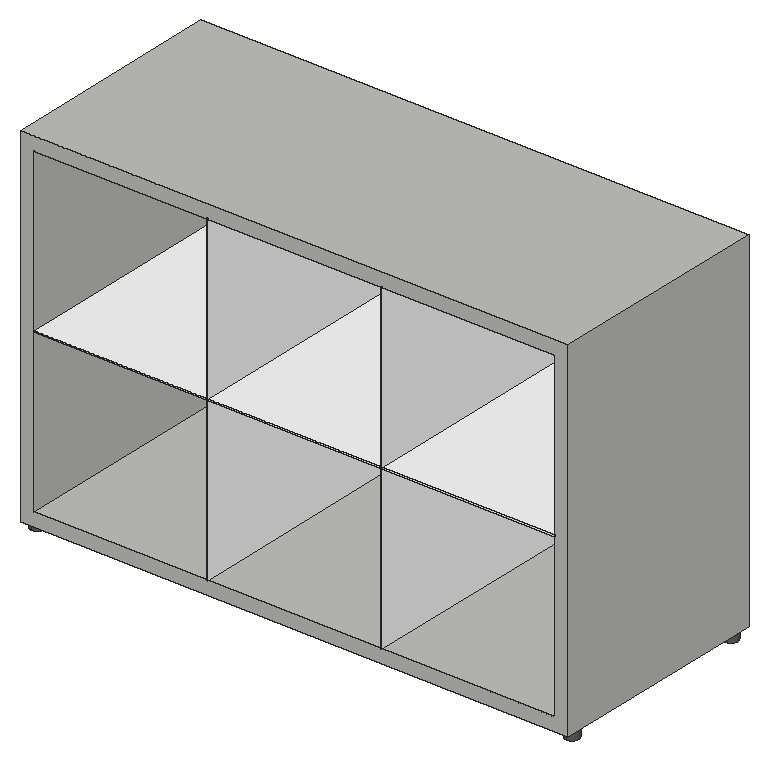
Revit family "Storage-Freestanding-Teknion-JNFBM-Bookcase_with_Metal_Dividers-R2015", category Furniture, Revit 2015
Parameters (values of type "18" Depth")
  Width [instance] = 42.000"
  Warranty = "http://www.teknion.com/ca/papers/legal-canada"
  Unit Weight URL = "http://www.teknion.com/ca/tools/assets#&asset=bee6a381-b954-425e-8283-5a2de3a804f2,f828d448-4b62-4231-9e5f-9a8991c0ed77"
  URL = "www.teknion.com"
  Sustainability Data = "http://www.teknion.com/ca/tools/assets#&topic=216f99a5-57a0-44fc-b10a-9dee9b29ae4c&asset=444deb64-fe58-4b68-981e-f75e97781df7"
  Shelf Finish [instance] = Mica - Teknion - V - Satin - Very White
  Shelf #1 Height [instance] = if(Height = 29.000", 14.742", 13.982")  # 13.982"
  Series = "Expansion Cityline"  # constant formula
  Product Page URL = "http://www.teknion.com/ca/products/product-details?productlineid=9ad2a26e-8e7a-673b-a6c8-ff05004460c4"
  Product Line = "Expansion Cityline"  # constant formula
  Product Documentation Link = "http://www.teknion.com/pricing/expansion-cityline/pdfs/JNFBM_ppg.pdf"
  Part Number = "JNFBM"  # constant formula
  Note [instance] = "Available Depths are 15 and 18 inches. Available Widths are 15, 24, 30, 36, 42, and 48 inches. Heights are available in 28 and 29 inches."  # constant formula
  Model = "JNFBM18"
  Manufacturer Phone = "416-661-3370"  # constant formula
  Manufacturer Fax = "416.661.4586"  # constant formula
  Manufacturer Contact Information = "http://www.teknion.com/ca/contactus"
  Manufacturer Address = "1150 Flint Road, Toronto, ON. M3J 2J5. Canada"  # constant formula
  Manufacturer = "Teknion"  # constant formula
  Height [instance] = 28.000"
  Divider 1 Offset [instance] = if(or(Width = 24.000", Width = 30.000", Width = 36.000"), Width / 2 - 0.059", Width / 3 + 0.260")  # 14.260"
  Divider #2 Visibility [instance] = or(Width = 42.000", Width = 48.000")  # yes
  Divider #1 Visibility [instance] = if(or(Width = 24.000", Width = 30.000", Width = 36.000", Width = 42.000", Width = 48.000"), 1 < 2, 1 > 2)  # yes
  Description = "Bookcase with Metal Dividers, 18\" Depth"
  Depth = 18.000"
  Case Finish [instance] = Source Laminate - Teknion - RV - Very White
  Assembly Code = "E2020200"
  Actual Height [instance] = if(Height = 28.000", 27.480", Height)  # 27.480"
  Actual Depth [instance] = if(Height = 28.000", Depth - 0.750", Depth)  # 17.250"
Types (2): name | Shelf #1 Height | Model | Height | Description | Depth | Actual Height | Actual Depth
  15" Depth | 14.742" | "JNFBM15" | 29.000" | "Bookcase with Metal Dividers, 15\" Depth" | 15.000" | 29.000" | 15.000"
  18" Depth | 13.982" | "JNFBM18" | 28.000" | "Bookcase with Metal Dividers, 18\" Depth" | 18.000" | 27.480" | 17.250"
Reference planes (in)
  plane 1 "Center Front/Back": y = 0
  plane 2: z = 0
  plane 3 "Center Left/Right": x = 0
  plane 4 "Left": x = -21
  plane 5 "Right": x = 21
  plane 6 "Back": y = 8.625
  plane 7 "Front": y = -8.625
  plane 8 "Top": z = 27.48
  plane 9: z = 0.60236
  plane 10: x = -19.98425
  plane 11: x = 19.98425
  plane 12: z = 26.46425
  plane 13: z = 1.61811
  plane 14: y = 7.88484
  plane 15: z = 14.10011
  plane 16: z = 13.982
  plane 17: x = -6.62189
  plane 18: x = -6.74
  plane 19: x = 6.74
  plane 20: x = 6.62189
Forms (in)
  Extrusion 1, solid, material "Source Laminate - Teknion - RV - Very White" <- "Case Finish"
    sketch origin (0, 0, 0) x (1, 0, 0) y (0, 1, 0)
      loop
        line (-21, -8.625) -> (21, -8.625) -> (21, 8.625) -> (-21, 8.625) -> (-21, -8.625)
    from 0.60236 to 27.48
  Extrusion 2, void
    sketch origin (-16.07314, -8.625, -16.70588) x (-1, 0, 0) y (0, 0, -1)
      loop
        line (3.91111, -18.32399) -> (-36.0574, -18.32399) -> (-36.0574, -43.17013) -> (3.91111, -43.17013) -> (3.91111, -18.32399)
    from -16.50984 to 0
  Extrusion 3, solid, material "Mica - Teknion - V - Satin - Very White" <- "Shelf Finish"
    sketch origin (0, -8.625, 0) x (-1, 0, 0) y (0, 0, -1)
      loop
        line (19.98425, -13.982) -> (-19.98425, -13.982) -> (-19.98425, -14.10011) -> (19.98425, -14.10011) -> (19.98425, -13.982)
    from 0 to -16.50984
  Extrusion 4, solid, material "Plastic - Teknion - 52 - Ebony"
    sketch origin (7.5, -180, 0.60236) x (0, -1, 0) y (-1, 0, 0)
      loop
        circle (-187.62555, 27.99334) r 0.5
    from 0 to 0.60236
  Extrusion 5, solid, material "Plastic - Teknion - 52 - Ebony"
    sketch origin (-7.5, -180, 0.60236) x (0, 1, 0) y (1, 0, 0)
      loop
        circle (187.62555, 27.99334) r 0.5
    from 0 to 0.60236
  Extrusion 6, solid, material "Plastic - Teknion - 52 - Ebony"
    sketch origin (7.5, 180, 0.60236) x (0, -1, 0) y (-1, 0, 0)
      loop
        circle (187.62555, 27.99334) r 0.5
    from 0 to 0.60236
  Extrusion 7, solid, material "Plastic - Teknion - 52 - Ebony"
    sketch origin (-7.5, 180, 0.60236) x (0, 1, 0) y (1, 0, 0)
      loop
        circle (-187.62555, 27.99334) r 0.5
    from 0 to 0.60236
  Extrusion 8, solid, material "Mica - Teknion - V - Satin - Very White" <- "Shelf Finish", visible <- "Divider #1 Visibility"
    sketch origin (7.5, -180, 0.60236) x (0, -1, 0) y (-1, 0, 0)
      loop
        line (-187.88484, 14.12189) -> (-171.375, 14.12189) -> (-171.375, 14.24) -> (-187.88484, 14.24) -> (-187.88484, 14.12189)
    from -1.01575 to -25.86189
  Extrusion 9, solid, material "Mica - Teknion - V - Satin - Very White" <- "Shelf Finish", visible <- "Divider #2 Visibility"
    sketch origin (20.86205, -180, 0.60236) x (0, -1, 0) y (-1, 0, 0)
      loop
        line (-187.88484, 14.12205) -> (-171.375, 14.12205) -> (-171.375, 14.24016) -> (-187.88484, 14.24016) -> (-187.88484, 14.12205)
    from -1.01575 to -25.86189
Cuts and joins
  Extrusion 2 cuts Extrusion 1
Lines and regions (in)
  Masking region 1
    outline origin (7.5, -180, 0.60236) x (0, -1, 0) y (1, 0, 0)
      loop
        line (-188.625, -28.5) -> (-171.375, -28.5) -> (-171.375, 13.5) -> (-188.625, 13.5) -> (-188.625, -28.5)
  Masking region 2, visible <- "Divider #1 Visibility", detail levels fine
    outline origin (7.5, -180, 0.60236) x (0, -1, 0) y (1, 0, 0)
      loop
        line (-187.88484, -14.24) -> (-171.375, -14.24) -> (-171.375, -14.12189) -> (-187.88484, -14.12189) -> (-187.88484, -14.24)
  Masking region 3, visible <- "Divider #2 Visibility", detail levels fine
    outline origin (7.5, -180, 0.60236) x (0, -1, 0) y (1, 0, 0)
      loop
        line (-187.88484, -0.87811) -> (-171.375, -0.87811) -> (-171.375, -0.76) -> (-187.88484, -0.76) -> (-187.88484, -0.87811)
  symbolic lines, style "FurnitureHiddenLines", detail levels medium+fine
    curve 1: line (-19.98425, -8.625, 0.60236) -> (-19.98425, 7.88484, 0.60236)
    curve 2: line (-19.98425, 7.88484, 0.60236) -> (19.98425, 7.88484, 0.60236)
    curve 3: line (19.98425, 7.88484, 0.60236) -> (19.98425, -8.625, 0.60236)
  symbolic lines, style "FurnitureHiddenLines", detail levels fine
    curve 4: arc (-20.49334, 7.12555, 0.60236) -> (-19.99334, 7.62555, 0.60236) -> (-20.49334, 8.12555, 0.60236) r 0.5
    curve 5: arc (-20.49334, 8.12555, 0.60236) -> (-20.99334, 7.62555, 0.60236) -> (-20.49334, 7.12555, 0.60236) r 0.5
    curve 6: arc (-20.49334, -8.12555, 0.60236) -> (-19.99334, -7.62555, 0.60236) -> (-20.49334, -7.12555, 0.60236) r 0.5
    curve 7: arc (-20.49334, -7.12555, 0.60236) -> (-20.99334, -7.62555, 0.60236) -> (-20.49334, -8.12555, 0.60236) r 0.5
    curve 8: arc (20.49334, 7.12555, 0.60236) -> (20.99334, 7.62555, 0.60236) -> (20.49334, 8.12555, 0.60236) r 0.5
    curve 9: arc (20.49334, 8.12555, 0.60236) -> (19.99334, 7.62555, 0.60236) -> (20.49334, 7.12555, 0.60236) r 0.5
    curve 10: arc (20.49334, -8.12555, 0.60236) -> (20.99334, -7.62555, 0.60236) -> (20.49334, -7.12555, 0.60236) r 0.5
    curve 11: arc (20.49334, -7.12555, 0.60236) -> (19.99334, -7.62555, 0.60236) -> (20.49334, -8.12555, 0.60236) r 0.5
  reference lines, not visible
    curve 12: line (-21, 8.625, 0) -> (-21, -8.625, 0)
    curve 13: line (-21, 8.625, 0) -> (21, 8.625, 0)
    curve 14: line (21, 8.625, 0) -> (21, -8.625, 0)
    curve 15: line (-21, -8.625, 0) -> (21, -8.625, 0)
Dimensions and locks (in)
  "Width": plane 4 "Left" to plane 5 "Right"
  "Actual Depth": plane 6 "Back" to plane 7 "Front"
  "Actual Height": plane 8 "Top" to level
  equal spacing: plane 6 "Back", plane 1 "Center Front/Back", plane 7 "Front"
  equal spacing: plane 4 "Left", plane 3 "Center Left/Right", plane 5 "Right"
  locked: plane 9 to plane 2 at 0.60236
  locked: plane 8 "Top" to plane 12 at 1.01575
  locked: plane 10 to plane 4 "Left" at 1.01575
  locked: plane 11 to plane 5 "Right" at 1.01575
  locked: plane 6 "Back" to plane 14 at 0.74016
  locked: plane 15 to plane 16 at 0.11811
  "Shelf #1 Height": plane 16 to plane 2
  locked: Extrusion 4 sketch curve to plane 10 at 0.50908
  locked: plane 6 "Back" to Extrusion 4 sketch curve at 0.99945
  locked: Extrusion 5 sketch curve to plane 14 at 0.25929
  locked: plane 11 to Extrusion 5 sketch curve at 0.50908
  locked: plane 7 "Front" to Extrusion 6 sketch curve at 0.99945
  locked: plane 4 "Left" to Extrusion 6 sketch curve at 0.50666
  locked: plane 7 "Front" to Extrusion 7 sketch curve at 0.99945
  locked: Extrusion 7 sketch curve to plane 5 "Right" at 0.50666
  locked: plane 18 to plane 17 at 0.11811
  "Divider 1 Offset": plane 4 "Left" to plane 18
  locked: plane 20 to plane 19 at 0.11811
  "Divider 1 Offset": plane 19 to plane 5 "Right"
  aligned and locked: level to plane 2
  aligned and locked: Extrusion 1 sketch curve to plane 7 "Front"
  aligned and locked: Extrusion 1 sketch curve to plane 4 "Left"
  aligned and locked: Extrusion 1 sketch curve to plane 6 "Back"
  aligned and locked: Extrusion 1 sketch curve to plane 5 "Right"
  aligned and locked: Extrusion 1 to plane 9
  aligned and locked: Extrusion 1 to plane 8 "Top"
  aligned and locked: plane 10 to Extrusion 2
  aligned and locked: Extrusion 2 to plane 13
  aligned and locked: Extrusion 2 to plane 11
  aligned and locked: Extrusion 2 to plane 12
  aligned and locked: Extrusion 2 to plane 7 "Front"
  aligned and locked: Extrusion 2 to plane 14
  aligned and locked: plane 7 "Front" to Extrusion 3
  aligned and locked: Extrusion 3 to plane 14
  aligned and locked: Extrusion 3 sketch curve to plane 10
  aligned and locked: Extrusion 3 sketch curve to plane 15
  aligned and locked: Extrusion 3 sketch curve to plane 16
  aligned and locked: Extrusion 3 sketch curve to plane 11
  aligned and locked: plane 9 to Extrusion 4
  aligned and locked: Extrusion 4 to plane 2
  aligned and locked: Extrusion 7 to plane 9
  aligned and locked: Extrusion 5 to plane 9
  aligned and locked: plane 9 to Extrusion 6
  aligned and locked: Extrusion 7 to plane 2
  aligned and locked: Extrusion 5 to plane 2
  aligned and locked: Extrusion 6 to plane 2
  aligned and locked: plane 14 to Extrusion 8 sketch curve
  aligned and locked: Extrusion 8 sketch curve to plane 7 "Front"
  aligned and locked: Extrusion 8 to plane 13
  aligned and locked: Extrusion 8 to plane 12
  aligned and locked: Masking region 1 sketch curve to plane 4 "Left"
  aligned and locked: Masking region 1 sketch curve to plane 6 "Back"
  aligned and locked: Masking region 1 sketch curve to plane 5 "Right"
  aligned and locked: Masking region 1 sketch curve to plane 7 "Front"
  aligned and locked: curve 1 to cut or joined group of Extrusion 1, Extrusion 2
  aligned and locked: curve 2 to cut or joined group of Extrusion 1, Extrusion 2
  aligned and locked: curve 3 to cut or joined group of Extrusion 1, Extrusion 2
  aligned and locked: curve 4 to Extrusion 4
  aligned and locked: curve 5 to Extrusion 4
  aligned and locked: curve 6 to Extrusion 6
  aligned and locked: curve 7 to Extrusion 6
  aligned and locked: curve 8 to Extrusion 5
  aligned and locked: curve 9 to Extrusion 5
  aligned and locked: curve 10 to Extrusion 7
  aligned and locked: curve 11 to Extrusion 7
  aligned and locked: plane 18 to Extrusion 8 sketch curve
  aligned and locked: Extrusion 8 sketch curve to plane 17
  aligned and locked: plane 20 to Extrusion 9 sketch curve
  aligned and locked: Extrusion 9 sketch curve to plane 19
  aligned and locked: Extrusion 9 to plane 12
  aligned and locked: plane 7 "Front" to Extrusion 9
  aligned and locked: Extrusion 9 to plane 14
  aligned and locked: plane 13 to Extrusion 9
  aligned and locked: Masking region 2 sketch curve to plane 18
  aligned and locked: plane 17 to Masking region 2 sketch curve
  aligned and locked: Masking region 2 sketch curve to plane 14
  aligned and locked: plane 7 "Front" to Masking region 2 sketch curve
  aligned and locked: Masking region 3 sketch curve to plane 20
  aligned and locked: plane 19 to Masking region 3 sketch curve
  aligned and locked: plane 7 "Front" to Masking region 3 sketch curve
  aligned and locked: Masking region 3 sketch curve to plane 14
  aligned and locked: curve 12 to plane 4 "Left"
  aligned and locked: curve 13 to plane 6 "Back"
  aligned and locked: curve 14 to plane 5 "Right"
  aligned and locked: curve 15 to plane 7 "Front"
Automatic sketch dimensions
  Extrusion 2 sketch curve to plane 11 = 0.000"
  Extrusion 2 sketch curve to plane 10 = 0.000"
  Extrusion 2 sketch curve to plane 13 = 0.000"
  Extrusion 2 sketch curve to plane 12 = 0.000"
  curve 1 to plane 7 "Front" = 0.000"
  plane 7 "Front" to curve 3 = 0.000"
  Extrusion 9 sketch curve to plane 14 = 0.000"
  plane 7 "Front" to Extrusion 9 sketch curve = 0.000"
  radius of Extrusion 4 sketch curve = 0.500"
  radius of Extrusion 5 sketch curve = 0.500"
  radius of Extrusion 6 sketch curve = 0.500"
  radius of Extrusion 7 sketch curve = 0.500"
